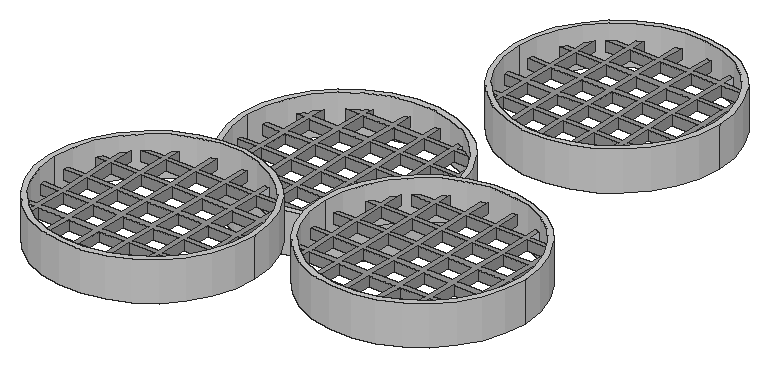
Revit family "CLD-FMD-002_BASKET_RFA", category Modelos genéricos, Revit 2022 (continued)
Forms (in)
  Extrusion 354, solid
    sketch origin (35.34814, 74.15951, 0) x (1, 0, 0) y (0, 1, 0)
      loop
        line (18.41545, 29.15295) -> (18.41545, 23.98386) -> (23.58454, 23.98386) -> (23.58454, 29.15295) -> (18.41545, 29.15295)
      loop
        line (24.58454, 29.15295) -> (24.58454, 23.98386) -> (29.75363, 23.98386) -> (29.75363, 29.15295) -> (24.58454, 29.15295)
      loop
        line (12.24636, 22.98386) -> (12.24636, 17.81477) -> (17.41545, 17.81477) -> (17.41545, 22.98386) -> (12.24636, 22.98386)
      loop
        line (18.41545, 22.98386) -> (18.41545, 17.81477) -> (23.58454, 17.81477) -> (23.58454, 22.98386) -> (18.41545, 22.98386)
      loop
        line (24.58454, 22.98386) -> (24.58454, 17.81477) -> (29.75363, 17.81477) -> (29.75363, 22.98386) -> (24.58454, 22.98386)
      loop
        line (12.24636, 16.81477) -> (12.24636, 11.64568) -> (17.41545, 11.64568) -> (17.41545, 16.81477) -> (12.24636, 16.81477)
      loop
        line (18.41545, 16.81477) -> (18.41545, 11.64568) -> (23.58454, 11.64568) -> (23.58454, 16.81477) -> (18.41545, 16.81477)
      loop
        line (24.58454, 16.81477) -> (24.58454, 11.64568) -> (29.75363, 11.64568) -> (29.75363, 16.81477) -> (24.58454, 16.81477)
      loop
        line (12.24636, 10.64568) -> (12.24636, 5.47659) -> (17.41545, 5.47659) -> (17.41545, 10.64568) -> (12.24636, 10.64568)
      loop
        line (18.41545, 10.64568) -> (18.41545, 5.47659) -> (23.58454, 5.47659) -> (23.58454, 10.64568) -> (18.41545, 10.64568)
      loop
        line (24.58454, 10.64568) -> (24.58454, 5.47659) -> (29.75363, 5.47659) -> (29.75363, 10.64568) -> (24.58454, 10.64568)
      loop
        line (30.75363, 35.32204) -> (35.59303, 35.32204)
        arc (35.59303, 35.32204) -> (35.07504, 35.8314) -> (34.53929, 36.32204) r 20.44694
        line (34.53929, 36.32204) -> (30.75363, 36.32204) -> (30.75363, 38.97064)
        arc (30.75363, 38.97064) -> (30.25712, 39.23138) -> (29.75363, 39.4784) r 20.44694
        line (29.75363, 39.4784) -> (29.75363, 36.32204) -> (24.58454, 36.32204) -> (24.58454, 41.13028)
        arc (24.58454, 41.13028) -> (24.08549, 41.21279) -> (23.58454, 41.28293) r 20.44694
        line (23.58454, 41.28293) -> (23.58454, 36.32204) -> (18.41545, 36.32204) -> (18.41545, 41.28293)
        arc (18.41545, 41.28293) -> (17.91451, 41.21279) -> (17.41545, 41.13028) r 20.44694
        line (17.41545, 41.13028) -> (17.41545, 36.32204) -> (12.24636, 36.32204) -> (12.24636, 39.4784)
        arc (12.24636, 39.4784) -> (11.74288, 39.23138) -> (11.24636, 38.97064) r 20.44694
        line (11.24636, 38.97064) -> (11.24636, 36.32204) -> (7.4607, 36.32204)
        arc (7.4607, 36.32204) -> (6.92495, 35.8314) -> (6.40697, 35.32204) r 20.44694
        line (6.40697, 35.32204) -> (11.24636, 35.32204) -> (11.24636, 30.15295) -> (6.07727, 30.15295) -> (6.07727, 34.97818)
        arc (6.07727, 34.97818) -> (5.56654, 34.41215) -> (5.07727, 33.82747) r 20.44694
        line (5.07727, 33.82747) -> (5.07727, 30.15295) -> (2.7161, 30.15295)
        arc (2.7161, 30.15295) -> (2.47571, 29.6561) -> (2.24882, 29.15295) r 20.44694
        line (2.24882, 29.15295) -> (5.07727, 29.15295) -> (5.07727, 23.98386) -> (0.77195, 23.98386)
        arc (0.77195, 23.98386) -> (0.70458, 23.48461) -> (0.64953, 22.98386) r 20.44694
        line (0.64953, 22.98386) -> (5.07727, 22.98386) -> (5.07727, 17.81477) -> (0.80268, 17.81477)
        arc (0.80268, 17.81477) -> (0.88811, 17.31363) -> (0.98598, 16.81477) r 20.44694
        line (0.98598, 16.81477) -> (5.07727, 16.81477) -> (5.07727, 11.64568) -> (2.81831, 11.64568)
        arc (2.81831, 11.64568) -> (3.08649, 11.14184) -> (3.36863, 10.64568) r 20.44694
        line (3.36863, 10.64568) -> (5.07727, 10.64568) -> (5.07727, 8.17253)
        arc (5.07727, 8.17253) -> (5.56654, 7.58785) -> (6.07727, 7.02182) r 20.44694
        line (6.07727, 7.02182) -> (6.07727, 10.64568) -> (11.24636, 10.64568) -> (11.24636, 5.47659) -> (7.69207, 5.47659)
        arc (7.69207, 5.47659) -> (8.31426, 4.96413) -> (8.95616, 4.47659) r 20.44694
        line (8.95616, 4.47659) -> (11.24636, 4.47659) -> (11.24636, 3.02936)
        arc (11.24636, 3.02936) -> (11.74288, 2.76863) -> (12.24636, 2.5216) r 20.44694
        line (12.24636, 2.5216) -> (12.24636, 4.47659) -> (17.41545, 4.47659) -> (17.41545, 0.86972)
        arc (17.41545, 0.86972) -> (17.91451, 0.78721) -> (18.41545, 0.71707) r 20.44694
        line (18.41545, 0.71707) -> (18.41545, 4.47659) -> (23.58454, 4.47659) -> (23.58454, 0.71707)
        arc (23.58454, 0.71707) -> (24.08549, 0.78721) -> (24.58454, 0.86972) r 20.44694
        line (24.58454, 0.86972) -> (24.58454, 4.47659) -> (29.75363, 4.47659) -> (29.75363, 2.5216)
        arc (29.75363, 2.5216) -> (30.25712, 2.76863) -> (30.75363, 3.02936) r 20.44694
        line (30.75363, 3.02936) -> (30.75363, 4.47659) -> (33.04384, 4.47659)
        arc (33.04384, 4.47659) -> (33.68574, 4.96413) -> (34.30792, 5.47659) r 20.44694
        line (34.30792, 5.47659) -> (30.75363, 5.47659) -> (30.75363, 10.64568) -> (35.92272, 10.64568) -> (35.92272, 7.02182)
        arc (35.92272, 7.02182) -> (36.43345, 7.58785) -> (36.92272, 8.17253) r 20.44694
        line (36.92272, 8.17253) -> (36.92272, 10.64568) -> (38.63137, 10.64568)
        arc (38.63137, 10.64568) -> (38.91351, 11.14184) -> (39.18169, 11.64568) r 20.44694
        line (39.18169, 11.64568) -> (36.92272, 11.64568) -> (36.92272, 16.81477) -> (41.01402, 16.81477)
        arc (41.01402, 16.81477) -> (41.11188, 17.31363) -> (41.19731, 17.81477) r 20.44694
        line (41.19731, 17.81477) -> (36.92272, 17.81477) -> (36.92272, 22.98386) -> (41.35047, 22.98386)
        arc (41.35047, 22.98386) -> (41.29542, 23.48461) -> (41.22804, 23.98386) r 20.44694
        line (41.22804, 23.98386) -> (36.92272, 23.98386) -> (36.92272, 29.15295) -> (39.75118, 29.15295)
        arc (39.75118, 29.15295) -> (39.52428, 29.6561) -> (39.28389, 30.15295) r 20.44694
        line (39.28389, 30.15295) -> (36.92272, 30.15295) -> (36.92272, 33.82747)
        arc (36.92272, 33.82747) -> (36.43345, 34.41215) -> (35.92272, 34.97818) r 20.44694
        line (35.92272, 34.97818) -> (35.92272, 30.15295) -> (30.75363, 30.15295) -> (30.75363, 35.32204)
      loop
        line (30.75363, 29.15295) -> (30.75363, 23.98386) -> (35.92272, 23.98386) -> (35.92272, 29.15295) -> (30.75363, 29.15295)
      loop
        line (30.75363, 22.98386) -> (30.75363, 17.81477) -> (35.92272, 17.81477) -> (35.92272, 22.98386) -> (30.75363, 22.98386)
      loop
        line (30.75363, 16.81477) -> (30.75363, 11.64568) -> (35.92272, 11.64568) -> (35.92272, 16.81477) -> (30.75363, 16.81477)
      loop
        line (6.07727, 29.15295) -> (6.07727, 23.98386) -> (11.24636, 23.98386) -> (11.24636, 29.15295) -> (6.07727, 29.15295)
      loop
        line (6.07727, 22.98386) -> (6.07727, 17.81477) -> (11.24636, 17.81477) -> (11.24636, 22.98386) -> (6.07727, 22.98386)
      loop
        line (6.07727, 16.81477) -> (6.07727, 11.64568) -> (11.24636, 11.64568) -> (11.24636, 16.81477) -> (6.07727, 16.81477)
    from 3 to 5
Dimensions and locks (in)
  aligned and locked: level to plane 2
